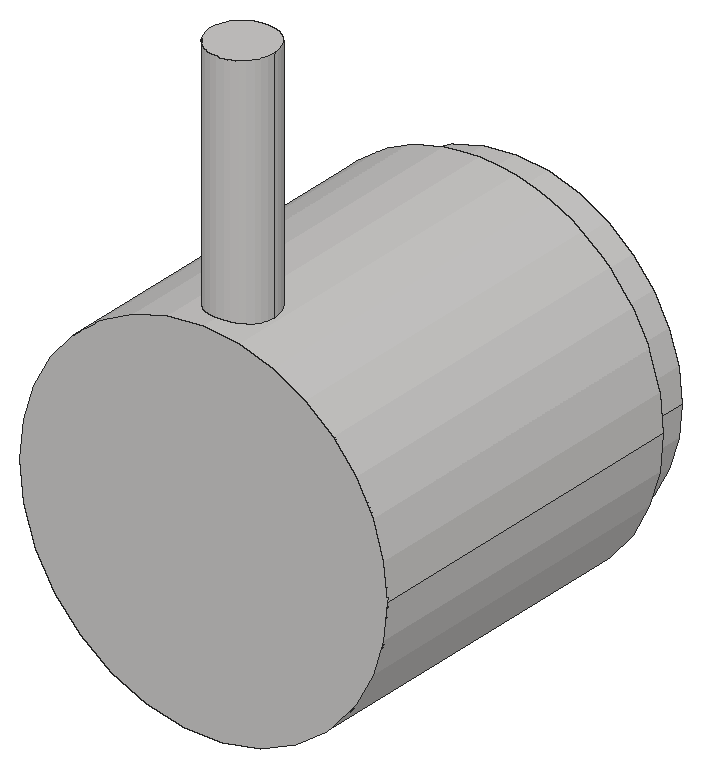
Revit family "NR17", category Generic Models, Revit 2012
Parameters (values of type "Standard")
  e-mail = "info@vola.com"
  URL = "http://vola.com"
  Telephone = "+45 7023 5500"
  Quality management standard = "ISO 9001"
  Organisation no. / DUNS no. = "17531328"
  Occupational health and safety management standard = "ISO 18001"
  Mounting Instructions = "http://vola.com/service/producturl.ashx?name=NR17"
  Model = "NR17"
  Materials and components information = "http://vola.com/service/producturl.ashx?name=NR17"
  Manufacturer = "VOLA A/S"
  Maintenance Instructions = "http://vola.com/service/producturl.ashx?name=NR17"
  Guarantee = "2 years"
  Environmental management standard = "ISO 14000"
  Connection - All relevant connections = ""
  Approvals = "http://vola.com/service/producturl.ashx?name=NR17"
Reference planes
  plane 1 "Center (Front/Back)": y = 0
  plane 2: z = 0
  plane 3 "Center (Left/Right)": x = 0
Forms (mm)
  Extrusion 1, solid, material "Stainless Steel"
    sketch origin (0, 0, 0) x (1, 0, 0) y (0, 0, 1)
      loop
        circle (0, 0) r 20
    from 5 to 42.5
  Extrusion 2, solid, material "Stainless Steel"
    sketch origin (0, -2.75, 0) x (0, -1, 0) y (1, 0, 0)
      loop
        circle (34.5, 0) r 3.5
    from 19 to 45.5
  Extrusion 3, solid, material "Stainless Steel"
    sketch origin (0, 0, 0) x (1, 0, 0) y (0, 0, 1)
      loop
        circle (0, 0) r 18
    from 0 to 5
Cuts and joins
  joined: Extrusion 1, Extrusion 2
Dimensions and locks
  aligned and locked: plane 2 to level
